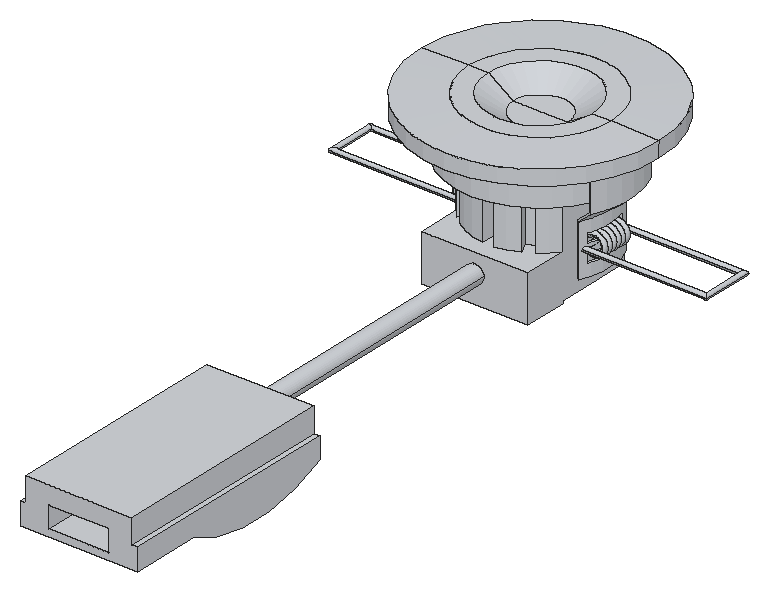
Revit family "0059830", category Lighting Fixtures, host Face, Revit 2017
Family settings
  Host = Face
  Round Connector Dimension = Use Diameter
  Part Type = Normal
  OmniClass Number = 23.80.70.00
  OmniClass Title = Lighting
  Cut with Voids When Loaded = No
  Light Source = Yes
  Shared = No
  Room Calculation Point = No
Parameters (values of type "0059830_6500K")
  Weight = "10.65 kg"
  Wattage Comments = ""
  Wattage = 5.5 W
  WarrantyStartDate [instance] = "n/a"
  WarrantyGuarantorParts = "n/a"
  WarrantyDurationUnit = "n/a"
  WarrantyDurationParts = "n/a"
  WarrantyDescription = "n/a"
  WIDTH_CUT_SYL = 19.5 mm
  built-in parameter 1150110 = 1 (stored number, unit not read)
  Voltage = 0 V
  URL = "https://www.sylvania-lighting.com/product/en-int/products/0059830/"
  TypeName = "0059830 ST ECO SPOT IP65 FIRE 540LM 3CCT WH"
  Type Image = <None>
  Type Comments = "n/a"
  built-in parameter 1114217 = 1 (stored number, unit not read)
  Tilt Angle = -90.00°
  built-in parameter 1150109 = 1 (stored number, unit not read)
  built-in parameter 1150134 = (empty or 0)
  built-in parameter 1150113 = 1 (stored number, unit not read)
  SerialNumber [instance] = "n/a"
  SMALLR_SYL = 24 mm
  R2_SYL = 31.5 mm
  Photometric Web File = "0059830_6500K.IES"
  PLATE_WIDTH_SYL = 1 mm
  PLATE_WIDTH2_SYL = 32.5 mm
  PLATE_WIDTH1_SYL = 25 mm
  PLATE_HEIGHT2_SYL = 23.5 mm
  PLATE_HEIGHT3_SYL = 42.5 mm
  PLATE_HEIGHT1_SYL = 17.5 mm
  PLATE_CUTOUT_MIN_SYL = 28 mm
  PLATE_CUTOUT_MAX_SYL = 38 mm
  Material_3_SYL = none
  PowerFactor = 0
  PowerConsumption = "5.5 W"
  NominalLength = 87 mm
  NominalHeight = 60 mm
  NominalDepth = 87 mm
  Name = "Start eco Spot IP65 Fire 540lm 3CCT Fix WHT"
  ModelReference = Name  # "Start eco Spot IP65 Fire 540lm 3CCT Fix WHT"
  ModelNumber = "0059830"
  Model = Name  # "Start eco Spot IP65 Fire 540lm 3CCT Fix WHT"
  Material = "metal/plastic housing"
  ManufacturerName = "Feilo Sylvania"
  Manufacturer = "Feilo Sylvania"
  MIDDLETOFILLET_SYL = 26 mm
  MAIN_R_SYL = 43.5 mm
  LuminousEfficacy = "98 lm/W"
  built-in parameter 1150105 = -276684.9 (stored number, unit not read)
  Lumens = 539 lm
  LuminaireType = ""
  built-in parameter 1150115 = 1 (stored number, unit not read)
  LightOutputRatio = ""
  built-in parameter 1150137 = (empty or 0)
  built-in parameter 1150139 = (empty or 0)
  LampsType = Lamp  # "LED"
  LampNominalLuminous = "540 lm"
  LampMacAdamStep = "6"
  LampColourTemperature = "6500 K"
  LampColourRenderingIndex = "80"
  built-in parameter 1150112 = 1 (stored number, unit not read)
  built-in parameter 1150114 = 1 (stored number, unit not read)
  Lamp = "LED"
  LBOX_FRONT_SYL = 211 mm
  LBOX_BACK_SYL = 128 mm
  Keynote = "16500"
  InstallationDate [instance] = "n/a"
  InputVoltage = ""
  InputNominalFrequency = ""
  built-in parameter 1150132 = (empty or 0)
  built-in parameter 1150102 = (empty or 0)
  built-in parameter 1150107 = 3000 (stored number, unit not read)
  built-in parameter 1150138 = (empty or 0)
  IngressProtection = "IP65/20"
  ImpactProtectionIndex = "IK03"
  built-in parameter 1150106 = -2766.8 (stored number, unit not read)
  IfcExportType = "IfcLightFixtureType"
  IfcExportAs = "IfcLightFixtureType"
  H_WIDTH2_SYL = 10 mm
  H_WIDTH1_SYL = 19 mm
  HOLE_SIZE_SYL = 3.5 mm
  HEIGHT_SYL = 55 mm
  HEIGHT-CHAMFER_SYL = HEIGHT_SYL - CHAMFER1_SYL  # 49 mm
  FILLET_HEIGHT_SYL = 0.5 mm
  Emit from Circle Diameter = 609.6 mm
  Emit Shape Visible in Rendering = no
  ElectricShockClassification = "Class II"
  built-in parameter 1150104 = 9.1045 (stored number, unit not read)
  DocumentationLiterature = "http://www.sylvania-lighting.com/product/en-int/products/0059830"
  DimmingControlOptions = ""
  Material_2_SYL = none
  Dimming Lamp Color Temperature Shift = <None>
  Description = "Integrated LED fire rated recessed spotlight, white bezel colour, three temperature light colors selectable: 3000K, 4000K, 6500K. Lumen output 540lm (4000K), 5.5W, dimmable trailing/leading edge, 60° degree beam angle, polycarbonate and steel body, low profile 60mm recessed depth, IP65 frontal degree, IK03, loop-in/loop-out terminals for fast wiring, 87mm bezel diameter, 70-75mm cutout, clear lens. Additional chrome bezel ring included in the packaging. Fire rated 30,60,90 minutes. Lifetime: 30.000 hours at L70. Energy Class: A++, A+, A."
  Default Elevation = 1219.2 mm
  CreatedOn = "7/7/2020"
  CreatedBy = "@sylvania-lighting.com"
  Cost = 0
  Color Filter = 16777215
  built-in parameter 1114216 [instance] = (empty or 0)
  ClassificationValue = "EF_70_80"
  ClassificationName = "Uniclass2015"
  Material_1_SYL = none
  CUT_WIDTH_SYL = 2 mm
  CUT_DEPTH_SYL = 19 mm
  CHAMFER_HEIGHT_SYL = 14 mm
  CHAMFER1_SYL = 6 mm
  CABLE_HEIGHT_SYL = 40 mm
  BarCode [instance] = "n/a"
  built-in parameter 1114218 = 1 (stored number, unit not read)
  BOX_TOP_SYL = 50 mm
  BOX_FRONT_SYL = 30 mm
  BOX_BOTTOM_SYL = 33 mm
  BOX_BACK_SYL = 14 mm
  built-in parameter 1150133 = 10 (stored number, unit not read)
  AssetType = "Fixed"
  AssetIdentifier [instance] = "n/a"
  Assembly Code = "D5020200"
  Apparent Load = 5.5 VA
  Material_4_SYL = none
Types (4, lengths in mm): name | Photometric Web File | LampColourTemperature
  (no name) | "0059830_6500K.IES" | "6500 K"
  0059830_3000K | "0059830_3000K.ies" | "3000 K"
  0059830_4000K | "0059830_4000K.IES" | "4000 K"
  0059830_6500K | "0059830_6500K.IES" | "6500 K"
Reference planes
  plane 1 "Center (Front/Back)": y = 0
  plane 2: z = 0
  plane 3 "Center (Left/Right)": x = 0
  plane 4: x = 43.5
  plane 5: z = 6
  plane 6: z = -49
  plane 7: x = 31.5
  plane 8: x = 24
  plane 9: z = -14
  plane 10: x = 19
  plane 11: x = 10
  plane 12: z = 5.5
  plane 13: x = -26
  plane 14: x = -19.5
  plane 15: x = 19.5
  plane 16: z = -17.5
  plane 17: z = -23.5
  plane 18: z = -42.5
  plane 19: x = -25
  plane 20: x = -32.5
  plane 21: x = 32.5
  plane 22: x = 25
  plane 23: x = -31.5
  plane 24: x = -24
  plane 25: x = 31.5
  plane 26: x = 24
  plane 27: y = -30
  plane 28: z = -33
  plane 29: z = 0
  plane 30: z = 0
  plane 31: z = 0
  plane 32: y = -14
  plane 33: z = -50
  plane 34: x = 2
  plane 35: x = -2
  plane 36: y = 19
  plane 37: y = -19
  plane 38: z = -28
  plane 39: z = -38
  plane 40: z = -34.5
  plane 41: z = -31.5
  plane 42: z = -40
  plane 43: y = -211
  plane 44: y = -128
  plane 45: y = 0
  plane 46: y = 8.5
  plane 47: y = -8.5
  plane 48: x = -30
  plane 49: x = -75
Forms (mm)
  Revolve 1, solid
    sketch origin (0, 0, 0) x (1, 0, 0) y (0, 0, 1)
      loop
        line (0, 0) -> (0, -49) -> (24, -49) -> (24, -14) -> (31.5, -14) -> (31.5, 0) -> (43.5, 0) -> (43.5, 6) -> (19, 6) -> (10, 0) -> (0, 0)
      axis (0, -49) -> (0, 6)
    angle from 360 to 0
  Revolve 2, void
    sketch origin (0, 0, 0) x (1, 0, 0) y (0, 0, 1)
      loop
        line (-26, 6) -> (-43.5, 6.514) -> (-43.5, 5.5) -> (-26, 6)
      axis (0, 5.5) -> (0, 6.514)
    angle from 360 to 0
  Extrusion 3, void
    sketch origin (0, 0, 0) x (1, 0, 0) y (0, 0, 1)
      loop
        line (-19.5, -54) -> (-19.5, -14) -> (-40.077, -14) -> (-40.077, -54) -> (-19.5, -54)
      loop
        line (19.5, -14) -> (19.5, -54) -> (43.5, -54) -> (43.5, -14) -> (19.5, -14)
    from -50 to 50
  Revolve 4, solid
    sketch origin (0, 0, 0) x (1, 0, 0) y (0, 0, 1)
      loop
        line (-31.5, 0) -> (-32.5, 0) -> (-32.5, -17.5) -> (-25, -23.5) -> (-25, -42.5) -> (-24, -42.5) -> (-24, -23.5) -> (-31.5, -17.5) -> (-31.5, 0)
      axis (0, -42.5) -> (0, 0)
    angle from 25 to -25
  Revolve 5, solid
    sketch origin (0, 0, 0) x (1, 0, 0) y (0, 0, 1)
      loop
        line (31.5, 0) -> (31.5, -17.5) -> (24, -23.5) -> (24, -42.5) -> (25, -42.5) -> (25, -23.5) -> (32.5, -17.5) -> (32.5, 0) -> (31.5, 0)
      axis (0, -42.5) -> (0, 0)
    angle from -25 to 25
  Extrusion 6, solid
    sketch origin (319, 1524, 1219.2) x (0, 1, 0) y (0, 0, 1)
      loop
        line (-1554, -1252.2) -> (-1554, -1269.2) -> (-1538, -1269.2) -> (-1538, -1252.2) -> (-1554, -1252.2)
    from -338.5 to -299.5
  Extrusion 7, void
    sketch origin (0, 0, 0) x (1, 0, 0) y (0, 1, 0)
      loop
        line (19, 2) -> (19, -2) -> (31.171, -2) -> (31.171, 2) -> (19, 2)
    from 0 to 1
  Extrusion 8, void
    sketch origin (0, 0, 0) x (1, 0, 0) y (0, 1, 0)
      loop
        line (-2, 19) -> (2, 19) -> (2, 45.479) -> (-2, 45.479) -> (-2, 19)
      loop
        line (-13.253, 13.621) -> (-9.829, 15.69) -> (-23.523, 38.353) -> (-26.946, 36.285) -> (-13.253, 13.621)
      loop
        line (9.787, 16.498) -> (13.188, 14.391) -> (27.132, 36.902) -> (23.732, 39.008) -> (9.787, 16.498)
    from -42.5 to -14
  Extrusion 9, void
    sketch origin (0, 1219.2, 38) x (1, 0, 0) y (0, 1, 0)
      loop
        line (-2, -1238.2) -> (-2, -1252.218) -> (2, -1252.218) -> (2, -1238.2) -> (-2, -1238.2)
      loop
        line (8.178, -1236.378) -> (14.542, -1248.868) -> (18.106, -1247.052) -> (11.742, -1234.562) -> (8.178, -1236.378)
      loop
        line (-14.322, -1232.357) -> (-22.759, -1243.552) -> (-19.564, -1245.96) -> (-11.128, -1234.764) -> (-14.322, -1232.357)
    from -71 to -52
  Extrusion 10, void
    sketch origin (0, 0, 0) x (1, 0, 0) y (0, 0, 1)
      loop
        line (-52.328, -28) -> (-52.328, -31.5) -> (-20.38, -31.5) -> (-20.38, -28) -> (-52.328, -28)
      loop
        line (-54.777, -38) -> (-20.38, -38) -> (-20.38, -34.5) -> (-54.777, -34.5) -> (-54.777, -38)
      loop
        line (35.572, -38) -> (35.572, -34.5) -> (20.157, -34.5) -> (20.157, -38) -> (35.572, -38)
      loop
        line (40.282, -28) -> (20.157, -28) -> (20.157, -31.5) -> (40.282, -31.5) -> (40.282, -28)
    from -8.3 to 8.3
  Extrusion 11, solid
    sketch origin (0, 0, 0) x (1, 0, 0) y (0, 0, 1)
      loop
        circle (0, -40) r 3.25
    from 30 to 128 <- "LBOX_BACK_SYL"
  Extrusion 12, solid
    sketch origin (0.061, 1524, 1218.66) x (0, 1, 0) y (0, 0, 1)
      loop
        line (-1652, -1269.2) -> (-1652, -1252.2) -> (-1735, -1252.2) -> (-1735, -1269.2) -> (-1710, -1269.2)
        arc (-1710, -1269.2) -> (-1681, -1276.333) -> (-1652, -1269.2) r 62.518
    from -21.5 to 21.5
  Extrusion 13, void
    sketch origin (0, 0, 0) x (1, 0, 0) y (0, 0, 1)
      loop
        line (-23.42, -33.54) -> (-23.42, -42.5) -> (-19.5, -42.5) -> (-19.5, -33.54) -> (-23.42, -33.54)
      loop
        line (19.5, -33.54) -> (19.5, -42.5) -> (23.42, -42.5) -> (23.42, -33.54) -> (19.5, -33.54)
    from 128 to 211
  Extrusion 14, void
    sketch origin (0, 0, 0) x (1, 0, 0) y (0, 0, 1)
      loop
        line (-10.962, -40) -> (-10.962, -48) -> (11.027, -48) -> (11.027, -40) -> (-10.962, -40)
    from 148.243 to 233.319
  Sweep 15, solid
    path origin (6.131, -0.258, 0) x (1, 0, 0) y (0, 1, 0)
      loop
        line (-75, 8.5) -> (-75, -8.5) -> (-30, -8.5) -> (-30, 8.5) -> (-75, 8.5)
    profile origin (-46.369, 8.242, 0) x (0, 1, 0) y (0, 0, 1)
      loop
        circle (0, -33.041) r 0.899
  Sweep 16, solid
    path origin (97.847, -0.258, 0) x (1, 0, 0) y (0, 1, 0)
      loop
        line (-75, 8.5) -> (-75, -8.5) -> (-30, -8.5) -> (-30, 8.5) -> (-75, 8.5)
    profile origin (45.347, 8.242, 0) x (0, 1, 0) y (0, 0, 1)
      loop
        circle (0, -32.977) r 0.899
  Revolve 17, solid
    sketch origin (24.036, 1524, 1219.2) x (0, 1, 0) y (0, 0, 1)
      loop
        circle (-1518.723, -1248.745) r 0.801
      loop
        circle (-1520.733, -1248.823) r 0.801
      loop
        circle (-1522.743, -1248.823) r 0.801
      loop
        circle (-1524.772, -1248.823) r 0.801
      loop
        circle (-1526.817, -1248.823) r 0.801
      loop
        circle (-1528.846, -1248.823) r 0.801
      axis (-1529.647, -1252.2) -> (-1517.923, -1252.2)
    angle from 133.626 to 398.89
  Revolve 18, solid
    sketch origin (-24.035, 1524.314, 1218.908) x (0, 1, 0) y (0, 0, 1)
      loop
        circle (-1518.723, -1248.745) r 0.801
      loop
        circle (-1520.733, -1248.823) r 0.801
      loop
        circle (-1522.743, -1248.823) r 0.801
      loop
        circle (-1524.772, -1248.823) r 0.801
      loop
        circle (-1526.817, -1248.823) r 0.801
      loop
        circle (-1528.846, -1248.823) r 0.801
      axis (-1529.647, -1252.2) -> (-1517.923, -1252.2)
    angle from -29.09 to 193.564
Cuts and joins
  Revolve 2, Extrusion 3, Extrusion 7, Extrusion 8, Extrusion 9, Extrusion 13, Extrusion 14 cuts Revolve 1
  Extrusion 13, Extrusion 14 cuts Extrusion 6
  Extrusion 13, Extrusion 14 cuts Extrusion 11
  joined: Revolve 1, Extrusion 6, Extrusion 11
  Extrusion 7, Extrusion 10 cuts Revolve 5
  Extrusion 10 cuts Revolve 4
  Extrusion 13, Extrusion 14 cuts Extrusion 12
Dimensions and locks
  "MAIN_R_SYL": plane 4 to imposter light
  "CHAMFER1_SYL": plane 5 to host face
  "HEIGHT-CHAMFER_SYL": host face to plane 6
  "R2_SYL": plane 7 to imposter light
  "SMALLR_SYL": imposter light to plane 8
  "CHAMFER_HEIGHT_SYL": host face to plane 9
  "H_WIDTH1_SYL": imposter light to plane 10
  "H_WIDTH2_SYL": imposter light to plane 11
  "FILLET_HEIGHT_SYL": plane 5 to plane 12
  "MIDDLETOFILLET_SYL": plane 13 to imposter light
  "WIDTH_CUT_SYL": plane 14 to imposter light to plane 15
  "PLATE_HEIGHT1_SYL": host face to plane 16
  "PLATE_HEIGHT2_SYL": host face to plane 17
  "PLATE_HEIGHT3_SYL": host face to plane 18
  "PLATE_WIDTH1_SYL": plane 19 to imposter light
  "PLATE_WIDTH2_SYL": plane 20 to imposter light
  "PLATE_WIDTH1_SYL": plane 22 to imposter light
  "PLATE_WIDTH2_SYL": plane 21 to imposter light
  "PLATE_WIDTH_SYL": plane 20 to plane 23
  "PLATE_WIDTH_SYL": plane 19 to plane 24
  "PLATE_WIDTH_SYL": plane 25 to plane 21
  "PLATE_WIDTH_SYL": plane 26 to plane 22
  "BOX_BOTTOM_SYL": plane 28 to host face
  "BOX_BACK_SYL": imposter light to plane 32
  "BOX_FRONT_SYL": imposter light to plane 27
  "BOX_TOP_SYL": host face to plane 33
  "CUT_DEPTH_SYL": imposter light to plane 36
  "CUT_WIDTH_SYL": plane 35 to imposter light to plane 34
  "PLATE_CUTOUT_MIN_SYL": host face to plane 38
  "PLATE_CUTOUT_MAX_SYL": host face to plane 39
  "HOLE_SIZE_SYL": plane 40 to plane 39
  "HOLE_SIZE_SYL": plane 38 to plane 41
  "CABLE_HEIGHT_SYL": host face to plane 42
  "LBOX_FRONT_SYL": imposter light to plane 43
  "LBOX_BACK_SYL": imposter light to plane 44
  aligned and locked: plane 2 to host face
  aligned and locked: level to host face
  aligned and locked: Revolve 4 sketch curve to imposter light
  aligned and locked: plane 28 to Extrusion 6 sketch curve
  aligned and locked: Extrusion 6 sketch curve to plane 27
  aligned and locked: Extrusion 6 sketch curve to plane 33
  aligned and locked: plane 32 to Extrusion 6 sketch curve
Automatic sketch dimensions
  host sketch curve to host sketch curve = 2438.4 mm  (x2)
  Revolve 1 sketch curve to level = 0 mm  (x2)
  Revolve 1 sketch curve to plane 3 "Center (Left/Right)" = 0 mm
  plane 11 to Revolve 1 sketch curve = 0 mm
  Revolve 1 sketch curve to plane 5 = 0 mm
  plane 10 to Revolve 1 sketch curve = 0 mm
  plane 8 to Revolve 1 sketch curve = 0 mm
  plane 7 to Revolve 1 sketch curve = 0 mm
  plane 4 to Revolve 1 sketch curve = 0 mm
  Revolve 1 sketch curve to plane 6 = 0 mm
  Revolve 1 sketch curve to plane 9 = 0 mm
  Revolve 2 sketch curve to plane 12 = 0 mm
  Revolve 2 sketch curve to plane 5 = 0 mm
  plane 13 to Revolve 2 sketch curve = 0 mm
  plane 13 to Revolve 2 sketch curve = 17.5 mm
  Revolve 2 sketch curve to plane 5 = 0.514 mm
  Extrusion 3 sketch curve to plane 9 = 0 mm  (x2)
  plane 14 to Extrusion 3 sketch curve = 0 mm
  plane 15 to Extrusion 3 sketch curve = 0 mm
  plane 13 to Extrusion 3 sketch curve = 14.077 mm
  Extrusion 3 sketch curve to plane 4 = 0 mm
  plane 6 to Extrusion 3 sketch curve = 5 mm  (x2)
  Revolve 4 sketch curve to level = 0 mm
  plane 20 to Revolve 4 sketch curve = 0 mm
  plane 23 to Revolve 4 sketch curve = 0 mm
  Revolve 4 sketch curve to plane 17 = 0 mm  (x2)
  plane 19 to Revolve 4 sketch curve = 0 mm
  Revolve 4 sketch curve to plane 18 = 0 mm
  plane 24 to Revolve 4 sketch curve = 0 mm
  Revolve 4 sketch curve to plane 16 = 0 mm  (x2)
  plane 6 to Revolve 4 sketch curve = 255.8 mm
  Revolve 4 sketch curve to plane 5 = 298.8 mm
  plane 8 to Revolve 5 sketch curve = 0 mm
  Revolve 5 sketch curve to plane 18 = 0 mm
  plane 22 to Revolve 5 sketch curve = 0 mm
  Revolve 5 sketch curve to plane 17 = 0 mm  (x2)
  Revolve 5 sketch curve to level = 0 mm
  plane 7 to Revolve 5 sketch curve = 0 mm
  Revolve 5 sketch curve to plane 16 = 0 mm  (x2)
  plane 21 to Revolve 5 sketch curve = 0 mm
  Extrusion 7 sketch curve to plane 10 = 0 mm
  plane 7 to Extrusion 7 sketch curve = 0.329 mm
  plane 1 "Center (Front/Back)" to Extrusion 7 sketch curve = 2 mm
  Extrusion 7 sketch curve to plane 1 "Center (Front/Back)" = 2 mm
  Extrusion 8 sketch curve to plane 35 = 0 mm
  Extrusion 8 sketch curve to plane 34 = 0 mm
  plane 36 to Extrusion 8 sketch curve = 0 mm
  plane 36 to Extrusion 8 sketch curve = 3.31 mm
  plane 35 to Extrusion 8 sketch curve = 7.829 mm
  plane 36 to Extrusion 8 sketch curve = 5.379 mm
  Extrusion 8 sketch curve to Extrusion 8 sketch curve = 3.424 mm
  Extrusion 8 sketch curve to plane 24 = 0.477 mm
  plane 11 to Extrusion 8 sketch curve = 0.213 mm
  Extrusion 8 sketch curve to plane 11 = 3.188 mm
  plane 8 to Extrusion 8 sketch curve = 0.268 mm
  plane 36 to Extrusion 8 sketch curve = 4.609 mm
  Extrusion 8 sketch curve to Extrusion 8 sketch curve = 2.106 mm
  Extrusion 8 sketch curve to Extrusion 8 sketch curve = 6.471 mm
  Extrusion 9 sketch curve to plane 35 = 0 mm
  Extrusion 9 sketch curve to plane 34 = 0 mm
  plane 37 to Extrusion 9 sketch curve = 0 mm
  plane 32 to Extrusion 9 sketch curve = 1.564 mm
  Extrusion 9 sketch curve to plane 14 = 8.372 mm
  Extrusion 9 sketch curve to plane 32 = 0.843 mm
  Extrusion 9 sketch curve to Extrusion 9 sketch curve = 3.195 mm
  plane 14 to Extrusion 9 sketch curve = 0.064 mm
  plane 11 to Extrusion 9 sketch curve = 1.822 mm
  Extrusion 9 sketch curve to plane 11 = 1.742 mm
  Extrusion 9 sketch curve to plane 27 = 0.332 mm
  plane 10 to Extrusion 9 sketch curve = 4.458 mm
  plane 27 to Extrusion 9 sketch curve = 3.018 mm
  Extrusion 9 sketch curve to Extrusion 9 sketch curve = 1.816 mm
  Extrusion 10 sketch curve to plane 40 = 0 mm  (x2)
  Extrusion 10 sketch curve to plane 39 = 0 mm  (x2)
  Extrusion 10 sketch curve to plane 41 = 0 mm  (x2)
  Extrusion 10 sketch curve to plane 38 = 0 mm  (x2)
  plane 20 to Extrusion 10 sketch curve = 22.277 mm
  Extrusion 10 sketch curve to Extrusion 10 sketch curve = 2.449 mm
  plane 14 to Extrusion 10 sketch curve = 0.88 mm  (x2)
  Extrusion 10 sketch curve to plane 15 = 0.657 mm  (x2)
  Extrusion 10 sketch curve to plane 21 = 3.072 mm
  plane 4 to Extrusion 10 sketch curve = 3.218 mm
  Extrusion 11 sketch curve to plane 3 "Center (Left/Right)" = 0 mm
  Extrusion 11 sketch curve to plane 42 = 0 mm
  plane 28 to Extrusion 12 sketch curve = 0.54 mm
  Extrusion 12 sketch curve to plane 43 = 0 mm
  plane 33 to Extrusion 12 sketch curve = 0.54 mm  (x2)
  Extrusion 12 sketch curve to plane 44 = 0 mm
  plane 12 to Extrusion 12 sketch curve = 0.655 mm
  plane 44 to Extrusion 12 sketch curve = 29 mm
  plane 15 to Extrusion 13 sketch curve = 0 mm
  plane 14 to Extrusion 13 sketch curve = 0 mm
  Extrusion 13 sketch curve to plane 24 = 0.58 mm
  plane 8 to Extrusion 13 sketch curve = 0.58 mm
  plane 18 to Extrusion 13 sketch curve = 0 mm  (x2)
  Extrusion 13 sketch curve to Extrusion 13 sketch curve = 8.96 mm  (x2)
  Extrusion 14 sketch curve to plane 42 = 0 mm
  Extrusion 14 sketch curve to plane 6 = 1 mm
  Extrusion 14 sketch curve to plane 14 = 8.538 mm
  Extrusion 14 sketch curve to plane 11 = 1.027 mm
  plane 47 to Sweep 15 sketch curve = 0.258 mm
  Sweep 15 sketch curve to plane 49 = 6.131 mm
  Sweep 15 sketch curve to plane 48 = 6.131 mm
  plane 46 to Sweep 15 sketch curve = 0.258 mm
  Sweep 15 sketch curve to level = 33.041 mm
  Sweep 15 sketch curve to profile plane = 0 mm
  plane 47 to Sweep 16 sketch curve = 0.258 mm
  plane 21 to Sweep 16 sketch curve = 9.653 mm
  Sweep 16 sketch curve to plane 4 = 24.347 mm
  plane 46 to Sweep 16 sketch curve = 0.258 mm
  Sweep 16 sketch curve to profile plane = 0 mm
  Sweep 16 sketch curve to level = 32.977 mm
  Revolve 17 sketch curve to plane 41 = 1.877 mm  (x5)
  Revolve 17 sketch curve to plane 47 = 3.654 mm
  Revolve 17 sketch curve to Revolve 17 sketch curve = 2.029 mm
  plane 1 "Center (Front/Back)" to Revolve 17 sketch curve = 0.772 mm
  Revolve 17 sketch curve to plane 1 "Center (Front/Back)" = 1.257 mm
  Revolve 17 sketch curve to Revolve 17 sketch curve = 2.01 mm  (x2)
  Revolve 17 sketch curve to plane 41 = 1.955 mm
  plane 38 to Revolve 18 sketch curve = 1.915 mm  (x5)
  plane 36 to Revolve 18 sketch curve = 23.532 mm
  Revolve 18 sketch curve to Revolve 18 sketch curve = 2.029 mm  (x2)
  Revolve 18 sketch curve to Revolve 18 sketch curve = 2.045 mm
  Revolve 18 sketch curve to Revolve 18 sketch curve = 2.01 mm  (x2)
  Revolve 18 sketch curve to Revolve 18 sketch curve = 0.078 mm
  plane 38 to Revolve 18 sketch curve = 5.292 mm
  plane 43 to Revolve 18 sketch curve = 1007.886 mm
  Revolve 18 sketch curve to Revolve 18 sketch curve = 1213.923 mm
  radius of Extrusion 11 sketch curve = 3.25 mm
  radius of Sweep 15 sketch curve = 0.899 mm
  radius of Sweep 16 sketch curve = 0.899 mm
  radius of Revolve 17 sketch curve = 0.801 mm  (x6)
  radius of Revolve 18 sketch curve = 0.801 mm  (x6)
